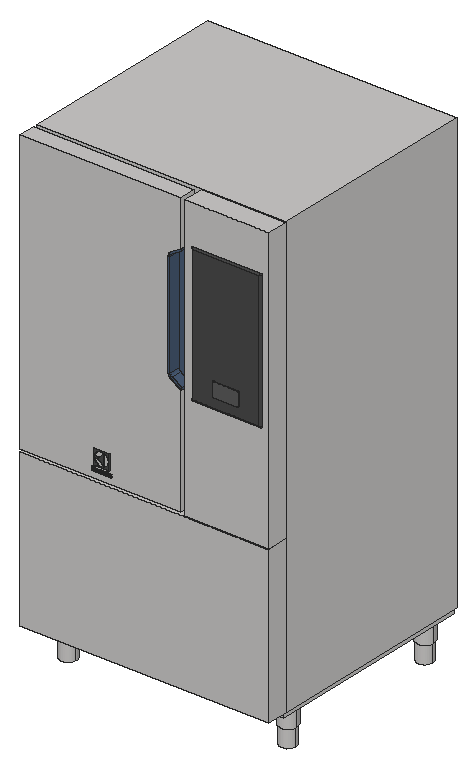
Revit family "QF_ELECTROLUXPROFESSIONAL_727738_EBFA11Q", category Specialty Equipment, Revit 2018 (continued)
Lines and regions (mm)
  Split face 222
    outline origin (-5.81, -295.149, -213.119) x (-1, 0, 0) y (0, 0, -1)
      loop
        line (490.638, -548.639) -> (600.654, -548.639) -> (600.654, -543.665) -> (490.638, -543.665) -> (490.638, -548.639)
  Split face 223
    outline origin (-5.81, -295.149, -203.619) x (-1, 0, 0) y (0, 0, -1)
      loop
        line (490.638, -548.639) -> (600.654, -548.639) -> (600.654, -543.665) -> (490.638, -543.665) -> (490.638, -548.639)
  Split face 224
    outline origin (-5.81, -295.149, -194.118) x (-1, 0, 0) y (0, 0, -1)
      loop
        line (490.638, -548.639) -> (600.654, -548.639) -> (600.654, -543.665) -> (490.638, -543.665) -> (490.638, -548.639)
  Split face 225
    outline origin (-5.81, -295.149, -184.618) x (-1, 0, 0) y (0, 0, -1)
      loop
        line (490.638, -548.639) -> (600.654, -548.639) -> (600.654, -543.665) -> (490.638, -543.665) -> (490.638, -548.639)
  Split face 226
    outline origin (-5.81, -295.149, -175.118) x (-1, 0, 0) y (0, 0, -1)
      loop
        line (490.638, -548.639) -> (600.654, -548.639) -> (600.654, -543.665) -> (490.638, -543.665) -> (490.638, -548.639)
  Split face 227
    outline origin (-5.81, -295.149, -165.618) x (-1, 0, 0) y (0, 0, -1)
      loop
        line (490.638, -548.639) -> (600.654, -548.639) -> (600.654, -543.665) -> (490.638, -543.665) -> (490.638, -548.639)
  Split face 228
    outline origin (-5.81, -295.149, -156.118) x (-1, 0, 0) y (0, 0, -1)
      loop
        line (490.638, -548.639) -> (600.654, -548.639) -> (600.654, -543.665) -> (490.638, -543.665) -> (490.638, -548.639)
  Split face 229
    outline origin (-5.81, -295.149, -146.618) x (-1, 0, 0) y (0, 0, -1)
      loop
        line (490.638, -548.639) -> (600.654, -548.639) -> (600.654, -543.665) -> (490.638, -543.665) -> (490.638, -548.639)
  Split face 230
    outline origin (-5.81, -295.149, -137.118) x (-1, 0, 0) y (0, 0, -1)
      loop
        line (490.638, -548.639) -> (600.654, -548.639) -> (600.654, -543.665) -> (490.638, -543.665) -> (490.638, -548.639)
  Split face 231
    outline origin (-5.81, -295.149, -127.618) x (-1, 0, 0) y (0, 0, -1)
      loop
        line (490.638, -548.639) -> (600.654, -548.639) -> (600.654, -543.665) -> (490.638, -543.665) -> (490.638, -548.639)
  Split face 232
    outline origin (-5.81, -295.149, -118.118) x (-1, 0, 0) y (0, 0, -1)
      loop
        line (490.638, -548.639) -> (600.654, -548.639) -> (600.654, -543.665) -> (490.638, -543.665) -> (490.638, -548.639)
  Split face 233
    outline origin (-5.81, -295.149, -108.618) x (-1, 0, 0) y (0, 0, -1)
      loop
        line (490.638, -548.639) -> (600.654, -548.639) -> (600.654, -543.665) -> (490.638, -543.665) -> (490.638, -548.639)
  Split face 234
    outline origin (-5.81, -295.149, -99.118) x (-1, 0, 0) y (0, 0, -1)
      loop
        line (490.638, -548.639) -> (600.654, -548.639) -> (600.654, -543.665) -> (490.638, -543.665) -> (490.638, -548.639)
  Split face 235
    outline origin (-5.81, -295.149, -89.618) x (-1, 0, 0) y (0, 0, -1)
      loop
        line (490.638, -548.639) -> (600.654, -548.639) -> (600.654, -543.665) -> (490.638, -543.665) -> (490.638, -548.639)
  Split face 236
    outline origin (-5.81, -295.149, -80.117) x (-1, 0, 0) y (0, 0, -1)
      loop
        line (490.638, -548.639) -> (600.654, -548.639) -> (600.654, -543.665) -> (490.638, -543.665) -> (490.638, -548.639)
  Split face 237
    outline origin (-5.81, -295.149, -70.617) x (-1, 0, 0) y (0, 0, -1)
      loop
        line (490.638, -548.639) -> (600.654, -548.639) -> (600.654, -543.665) -> (490.638, -543.665) -> (490.638, -548.639)
  Split face 238
    outline origin (-5.81, -295.149, -61.117) x (-1, 0, 0) y (0, 0, -1)
      loop
        line (490.638, -548.639) -> (600.654, -548.639) -> (600.654, -543.665) -> (490.638, -543.665) -> (490.638, -548.639)
  Split face 239
    outline origin (-5.81, -295.149, -51.617) x (-1, 0, 0) y (0, 0, -1)
      loop
        line (490.638, -548.639) -> (600.654, -548.639) -> (600.654, -543.665) -> (490.638, -543.665) -> (490.638, -548.639)
  Split face 240
    outline origin (-5.81, -295.149, -42.117) x (-1, 0, 0) y (0, 0, -1)
      loop
        line (490.638, -548.639) -> (600.654, -548.639) -> (600.654, -543.665) -> (490.638, -543.665) -> (490.638, -548.639)
  Split face 241
    outline origin (-5.81, -295.149, -32.617) x (-1, 0, 0) y (0, 0, -1)
      loop
        line (490.638, -548.639) -> (600.654, -548.639) -> (600.654, -543.665) -> (490.638, -543.665) -> (490.638, -548.639)
  Split face 242
    outline origin (-5.81, -295.149, -23.117) x (-1, 0, 0) y (0, 0, -1)
      loop
        line (490.638, -548.639) -> (600.654, -548.639) -> (600.654, -543.665) -> (490.638, -543.665) -> (490.638, -548.639)
  Split face 243
    outline origin (-5.81, -295.149, -13.617) x (-1, 0, 0) y (0, 0, -1)
      loop
        line (490.638, -548.639) -> (600.654, -548.639) -> (600.654, -543.665) -> (490.638, -543.665) -> (490.638, -548.639)
  Split face 244
    outline origin (-5.81, -295.149, -4.117) x (-1, 0, 0) y (0, 0, -1)
      loop
        line (490.638, -548.639) -> (600.654, -548.639) -> (600.654, -543.665) -> (490.638, -543.665) -> (490.638, -548.639)
  Split face 245
    outline origin (-5.81, -295.149, 5.383) x (-1, 0, 0) y (0, 0, -1)
      loop
        line (490.638, -548.639) -> (600.654, -548.639) -> (600.654, -543.665) -> (490.638, -543.665) -> (490.638, -548.639)
  Split face 246
    outline origin (-5.81, -295.149, 14.883) x (-1, 0, 0) y (0, 0, -1)
      loop
        line (490.638, -548.639) -> (600.654, -548.639) -> (600.654, -543.665) -> (490.638, -543.665) -> (490.638, -548.639)
  Split face 247
    outline origin (-125.802, -295.149, -365.12) x (-1, 0, 0) y (0, 0, -1)
      loop
        line (490.638, -548.639) -> (600.654, -548.639) -> (600.654, -543.665) -> (490.638, -543.665) -> (490.638, -548.639)
  Split face 248
    outline origin (-125.802, -295.149, -355.62) x (-1, 0, 0) y (0, 0, -1)
      loop
        line (490.638, -548.639) -> (600.654, -548.639) -> (600.654, -543.665) -> (490.638, -543.665) -> (490.638, -548.639)
  Split face 249
    outline origin (-125.802, -295.149, -346.12) x (-1, 0, 0) y (0, 0, -1)
      loop
        line (490.638, -548.639) -> (600.654, -548.639) -> (600.654, -543.665) -> (490.638, -543.665) -> (490.638, -548.639)
  Split face 250
    outline origin (-125.802, -295.149, -336.62) x (-1, 0, 0) y (0, 0, -1)
      loop
        line (490.638, -548.639) -> (600.654, -548.639) -> (600.654, -543.665) -> (490.638, -543.665) -> (490.638, -548.639)
  Split face 251
    outline origin (-125.802, -295.149, -327.12) x (-1, 0, 0) y (0, 0, -1)
      loop
        line (490.638, -548.639) -> (600.654, -548.639) -> (600.654, -543.665) -> (490.638, -543.665) -> (490.638, -548.639)
  Split face 252
    outline origin (-125.802, -295.149, -317.619) x (-1, 0, 0) y (0, 0, -1)
      loop
        line (490.638, -548.639) -> (600.654, -548.639) -> (600.654, -543.665) -> (490.638, -543.665) -> (490.638, -548.639)
  Split face 253
    outline origin (-125.802, -295.149, -308.119) x (-1, 0, 0) y (0, 0, -1)
      loop
        line (490.638, -548.639) -> (600.654, -548.639) -> (600.654, -543.665) -> (490.638, -543.665) -> (490.638, -548.639)
  Split face 254
    outline origin (-125.802, -295.149, -298.619) x (-1, 0, 0) y (0, 0, -1)
      loop
        line (490.638, -548.639) -> (600.654, -548.639) -> (600.654, -543.665) -> (490.638, -543.665) -> (490.638, -548.639)
  Split face 255
    outline origin (-125.802, -295.149, -289.119) x (-1, 0, 0) y (0, 0, -1)
      loop
        line (490.638, -548.639) -> (600.654, -548.639) -> (600.654, -543.665) -> (490.638, -543.665) -> (490.638, -548.639)
  Split face 256
    outline origin (-125.802, -295.149, -279.619) x (-1, 0, 0) y (0, 0, -1)
      loop
        line (490.638, -548.639) -> (600.654, -548.639) -> (600.654, -543.665) -> (490.638, -543.665) -> (490.638, -548.639)
  Split face 257
    outline origin (-125.802, -295.149, -270.119) x (-1, 0, 0) y (0, 0, -1)
      loop
        line (490.638, -548.639) -> (600.654, -548.639) -> (600.654, -543.665) -> (490.638, -543.665) -> (490.638, -548.639)
  Split face 258
    outline origin (-125.802, -295.149, -260.619) x (-1, 0, 0) y (0, 0, -1)
      loop
        line (490.638, -548.639) -> (600.654, -548.639) -> (600.654, -543.665) -> (490.638, -543.665) -> (490.638, -548.639)
  Split face 259
    outline origin (-125.802, -295.149, -251.119) x (-1, 0, 0) y (0, 0, -1)
      loop
        line (490.638, -548.639) -> (600.654, -548.639) -> (600.654, -543.665) -> (490.638, -543.665) -> (490.638, -548.639)
  Split face 260
    outline origin (-125.802, -295.149, -241.619) x (-1, 0, 0) y (0, 0, -1)
      loop
        line (490.638, -548.639) -> (600.654, -548.639) -> (600.654, -543.665) -> (490.638, -543.665) -> (490.638, -548.639)
  Split face 261
    outline origin (-125.802, -295.149, -232.119) x (-1, 0, 0) y (0, 0, -1)
      loop
        line (490.638, -548.639) -> (600.654, -548.639) -> (600.654, -543.665) -> (490.638, -543.665) -> (490.638, -548.639)
  Split face 262
    outline origin (-125.802, -295.149, -222.619) x (-1, 0, 0) y (0, 0, -1)
      loop
        line (490.638, -548.639) -> (600.654, -548.639) -> (600.654, -543.665) -> (490.638, -543.665) -> (490.638, -548.639)
  Split face 263
    outline origin (-125.802, -295.149, -213.119) x (-1, 0, 0) y (0, 0, -1)
      loop
        line (490.638, -548.639) -> (600.654, -548.639) -> (600.654, -543.665) -> (490.638, -543.665) -> (490.638, -548.639)
  Split face 264
    outline origin (-125.802, -295.149, -203.619) x (-1, 0, 0) y (0, 0, -1)
      loop
        line (490.638, -548.639) -> (600.654, -548.639) -> (600.654, -543.665) -> (490.638, -543.665) -> (490.638, -548.639)
  Split face 265
    outline origin (-125.802, -295.149, -194.118) x (-1, 0, 0) y (0, 0, -1)
      loop
        line (490.638, -548.639) -> (600.654, -548.639) -> (600.654, -543.665) -> (490.638, -543.665) -> (490.638, -548.639)
  Split face 266
    outline origin (-125.802, -295.149, -184.618) x (-1, 0, 0) y (0, 0, -1)
      loop
        line (490.638, -548.639) -> (600.654, -548.639) -> (600.654, -543.665) -> (490.638, -543.665) -> (490.638, -548.639)
  Split face 267
    outline origin (-125.802, -295.149, -175.118) x (-1, 0, 0) y (0, 0, -1)
      loop
        line (490.638, -548.639) -> (600.654, -548.639) -> (600.654, -543.665) -> (490.638, -543.665) -> (490.638, -548.639)
  Split face 268
    outline origin (-125.802, -295.149, -165.618) x (-1, 0, 0) y (0, 0, -1)
      loop
        line (490.638, -548.639) -> (600.654, -548.639) -> (600.654, -543.665) -> (490.638, -543.665) -> (490.638, -548.639)
  Split face 269
    outline origin (-125.802, -295.149, -156.118) x (-1, 0, 0) y (0, 0, -1)
      loop
        line (490.638, -548.639) -> (600.654, -548.639) -> (600.654, -543.665) -> (490.638, -543.665) -> (490.638, -548.639)
  Split face 270
    outline origin (-125.802, -295.149, -146.618) x (-1, 0, 0) y (0, 0, -1)
      loop
        line (490.638, -548.639) -> (600.654, -548.639) -> (600.654, -543.665) -> (490.638, -543.665) -> (490.638, -548.639)
  Split face 271
    outline origin (-125.802, -295.149, -137.118) x (-1, 0, 0) y (0, 0, -1)
      loop
        line (490.638, -548.639) -> (600.654, -548.639) -> (600.654, -543.665) -> (490.638, -543.665) -> (490.638, -548.639)
  Split face 272
    outline origin (-125.802, -295.149, -127.618) x (-1, 0, 0) y (0, 0, -1)
      loop
        line (490.638, -548.639) -> (600.654, -548.639) -> (600.654, -543.665) -> (490.638, -543.665) -> (490.638, -548.639)
  Split face 273
    outline origin (-125.802, -295.149, -118.118) x (-1, 0, 0) y (0, 0, -1)
      loop
        line (490.638, -548.639) -> (600.654, -548.639) -> (600.654, -543.665) -> (490.638, -543.665) -> (490.638, -548.639)
  Split face 274
    outline origin (-125.802, -295.149, -108.618) x (-1, 0, 0) y (0, 0, -1)
      loop
        line (490.638, -548.639) -> (600.654, -548.639) -> (600.654, -543.665) -> (490.638, -543.665) -> (490.638, -548.639)
  Split face 275
    outline origin (-125.802, -295.149, -99.118) x (-1, 0, 0) y (0, 0, -1)
      loop
        line (490.638, -548.639) -> (600.654, -548.639) -> (600.654, -543.665) -> (490.638, -543.665) -> (490.638, -548.639)
  Split face 276
    outline origin (-125.802, -295.149, -89.618) x (-1, 0, 0) y (0, 0, -1)
      loop
        line (490.638, -548.639) -> (600.654, -548.639) -> (600.654, -543.665) -> (490.638, -543.665) -> (490.638, -548.639)
  Split face 277
    outline origin (-125.802, -295.149, -80.117) x (-1, 0, 0) y (0, 0, -1)
      loop
        line (490.638, -548.639) -> (600.654, -548.639) -> (600.654, -543.665) -> (490.638, -543.665) -> (490.638, -548.639)
  Split face 278
    outline origin (-125.802, -295.149, -70.617) x (-1, 0, 0) y (0, 0, -1)
      loop
        line (490.638, -548.639) -> (600.654, -548.639) -> (600.654, -543.665) -> (490.638, -543.665) -> (490.638, -548.639)
  Split face 279
    outline origin (-125.802, -295.149, -61.117) x (-1, 0, 0) y (0, 0, -1)
      loop
        line (490.638, -548.639) -> (600.654, -548.639) -> (600.654, -543.665) -> (490.638, -543.665) -> (490.638, -548.639)
  Split face 280
    outline origin (-125.802, -295.149, -51.617) x (-1, 0, 0) y (0, 0, -1)
      loop
        line (490.638, -548.639) -> (600.654, -548.639) -> (600.654, -543.665) -> (490.638, -543.665) -> (490.638, -548.639)
  Split face 281
    outline origin (-125.802, -295.149, -42.117) x (-1, 0, 0) y (0, 0, -1)
      loop
        line (490.638, -548.639) -> (600.654, -548.639) -> (600.654, -543.665) -> (490.638, -543.665) -> (490.638, -548.639)
  Split face 282
    outline origin (-125.802, -295.149, -32.617) x (-1, 0, 0) y (0, 0, -1)
      loop
        line (490.638, -548.639) -> (600.654, -548.639) -> (600.654, -543.665) -> (490.638, -543.665) -> (490.638, -548.639)
  Split face 283
    outline origin (-125.802, -295.149, -23.117) x (-1, 0, 0) y (0, 0, -1)
      loop
        line (490.638, -548.639) -> (600.654, -548.639) -> (600.654, -543.665) -> (490.638, -543.665) -> (490.638, -548.639)
  Split face 284
    outline origin (-125.802, -295.149, -13.617) x (-1, 0, 0) y (0, 0, -1)
      loop
        line (490.638, -548.639) -> (600.654, -548.639) -> (600.654, -543.665) -> (490.638, -543.665) -> (490.638, -548.639)
  Split face 285
    outline origin (-125.802, -295.149, -4.117) x (-1, 0, 0) y (0, 0, -1)
      loop
        line (490.638, -548.639) -> (600.654, -548.639) -> (600.654, -543.665) -> (490.638, -543.665) -> (490.638, -548.639)
  Split face 286
    outline origin (-125.802, -295.149, 5.383) x (-1, 0, 0) y (0, 0, -1)
      loop
        line (490.638, -548.639) -> (600.654, -548.639) -> (600.654, -543.665) -> (490.638, -543.665) -> (490.638, -548.639)
  Split face 287
    outline origin (-125.802, -295.149, 14.883) x (-1, 0, 0) y (0, 0, -1)
      loop
        line (490.638, -548.639) -> (600.654, -548.639) -> (600.654, -543.665) -> (490.638, -543.665) -> (490.638, -548.639)
  symbolic lines
    curve 1: line (-759, 547.851, 1731) -> (136, 547.851, 1731)
    curve 2: line (-759, -219.149, 1731) -> (-759, 547.851, 1731)
    curve 3: line (136, -295.149, 1731) -> (-166, -295.149, 1731)
    curve 4: line (136, 547.851, 1731) -> (136, -295.149, 1731)
    curve 5: line (-139.183, 547.851, 1731) -> (-131.09, 639.851, 1731)
    curve 6: line (-131.09, 639.851, 1731) -> (33.141, 639.851, 1731)
    curve 7: line (33.141, 639.851, 1731) -> (41.234, 547.851, 1731)
    curve 8: line (56.5, 576.851, 1731) -> (77.5, 576.851, 1731)
    curve 9: line (77.5, 576.851, 1731) -> (77.5, 547.851, 1731)
    curve 10: line (56.5, 576.851, 1731) -> (56.5, 547.851, 1731)
    curve 11: line (104, -300.149, 1731) -> (-134, -300.149, 1731)
    curve 12: line (-134, -300.149, 1731) -> (-142, -295.149, 1731)
    curve 13: line (104, -300.149, 1731) -> (112, -295.149, 1731)
    curve 18: line (-166, -295.149, 0) -> (-166, -219.149, 0)
    curve 19: line (-166, -219.149, 0) -> (-759, -219.149, 0)
    curve 20: line (-759, -235.149, 0) -> (-180.8, -235.149, 0)
    curve 21: line (-759, -295.149, 0) -> (-759, -235.149, 0)
    curve 22: line (-180.8, -295.149, 0) -> (-759, -295.149, 0)
    curve 23: line (-180.8, -235.149, 0) -> (-180.8, -295.149, 0)
    curve 24: line (-225.54, -296.149, 0) -> (-178.3, -296.149, 0)
    curve 25: line (-178.3, -296.149, 0) -> (-178.3, -256.149, 0)
    curve 26: line (-178.3, -256.149, 0) -> (-180.8, -256.149, 0)
    curve 27: line (-225.54, -296.149, 0) -> (-225.54, -295.149, 0)
  symbolic lines, style "QF_Door-Drawer Clearances", visible <- "Show Clearance"
    curve 14: arc (-180.8, -295.149, 1731) -> (-338.805, -665.108, 1731) -> (-705, -831.649, 1731) r 556
    curve 15: line (-765, -831.649, 1731) -> (-765, -295.149, 1731)
    curve 16: line (-705, -831.649, 1731) -> (-765, -831.649, 1731)
    curve 17: line (-705, -831.649, 1731) -> (-705, -295.149, 1731)
Dimensions and locks
  equal spacing: plane 4 "LEFT", plane 3 "Center Y", plane 6 "RIGHT"
  plane 4 "LEFT" to plane 6 "RIGHT" = 895 mm
  plane 5 "BACK" to plane 7 "FRONT" = 843 mm
  equal spacing: plane 5 "BACK", plane 1 "Center X", plane 7 "FRONT"
  cut or joined group of Extrusion 1, Extrusion 2, Extrusion 3, Extrusion 5, Extrusion 6, Extrusion 7, Extrusion 13 to Extrusion 3 sketch curve = 826 mm
  level to Extrusion 3 sketch curve = 593 mm
  plane 5 "BACK" to Extrusion 6 sketch curve = 398 mm
  plane 4 "LEFT" to Extrusion 6 sketch curve = 400 mm
  Extrusion 3 sketch curve to plane 4 "LEFT" = 826 mm
  aligned and locked: level to plane 2
  aligned and locked: plane 12 to nested 3
  aligned and locked: plane 12 to nested 2
  aligned and locked: plane 10 to nested 1
  aligned and locked: plane 10 to nested 4
  aligned and locked: nested 4 to plane 11
  aligned and locked: nested 3 to plane 11
  aligned and locked: nested 1 to plane 13
  aligned and locked: nested 2 to plane 13
  aligned and locked: Extrusion 12 to Extrusion 11
  aligned and locked: Extrusion 16 to Extrusion 15
Automatic sketch dimensions
  Extrusion 1 sketch curve to plane 5 "BACK" = 0 mm
  Extrusion 1 sketch curve to plane 6 "RIGHT" = 0 mm
  Extrusion 1 sketch curve to plane 4 "LEFT" = 0 mm
  Extrusion 1 sketch curve to plane 13 = 75 mm
  Extrusion 2 sketch curve to plane 5 "BACK" = 0 mm
  Extrusion 2 sketch curve to plane 14 = 0 mm  (x5)
  Extrusion 2 sketch curve to plane 14 = 10 mm
  Extrusion 2 sketch curve to plane 14 = 8 mm
  Extrusion 2 sketch curve to plane 14 = 7.305 mm
  Extrusion 2 sketch curve to plane 14 = 4.997 mm
  plane 14 to Extrusion 2 sketch curve = 8.773 mm  (x4)
  plane 8 to Extrusion 2 sketch curve = 521.023 mm
  Extrusion 2 sketch curve to Extrusion 2 sketch curve = 7.476 mm
  Extrusion 2 sketch curve to Extrusion 2 sketch curve = 25.474 mm
  Extrusion 2 sketch curve to Extrusion 2 sketch curve = 9.313 mm  (x4)
  Extrusion 2 sketch curve to Extrusion 2 sketch curve = 31.38 mm  (x3)
  Extrusion 2 sketch curve to Extrusion 2 sketch curve = 32.916 mm
  Extrusion 2 sketch curve to Extrusion 2 sketch curve = 50.851 mm
  Extrusion 4 sketch curve to plane 6 "RIGHT" = 0 mm
  Extrusion 4 sketch curve to plane 4 "LEFT" = 0 mm
  Extrusion 4 sketch curve to plane 7 "FRONT" = 0 mm
  plane 7 "FRONT" to Extrusion 4 sketch curve = 75 mm
  Extrusion 5 sketch curve to plane 5 "BACK" = 0 mm
  Extrusion 5 sketch curve to plane 6 "RIGHT" = 9 mm
  plane 4 "LEFT" to Extrusion 5 sketch curve = 9 mm
  Extrusion 5 sketch curve to plane 13 = 73 mm
  Split face 1 sketch curve to Extrusion 4 = 32.492 mm
  Split face 1 sketch curve to Extrusion 4 = 28.525 mm
  Split face 1 sketch curve to Split face 1 sketch curve = 110.016 mm
  Split face 1 sketch curve to Split face 1 sketch curve = 4.974 mm
  Extrusion 7 sketch curve to plane 5 "BACK" = 0 mm  (x2)
  Extrusion 7 sketch curve to plane 14 = 0 mm  (x2)
  Extrusion 7 sketch curve to plane 12 = 41.135 mm
  Extrusion 7 sketch curve to Extrusion 7 sketch curve = 1.631 mm  (x2)
  Extrusion 7 sketch curve to Extrusion 7 sketch curve = 9.723 mm
  Extrusion 7 sketch curve to Extrusion 7 sketch curve = 164.232 mm
  Extrusion 7 sketch curve to Extrusion 7 sketch curve = 8.092 mm
  Extrusion 8 sketch curve to plane 4 "LEFT" = 0 mm
  Extrusion 8 sketch curve to plane 9 "TOP" = 0 mm
  plane 3 "Center Y" to Extrusion 8 sketch curve = 85.96 mm
  Extrusion 8 sketch curve to Extrusion 8 sketch curve = 8.487 mm
  Extrusion 8 sketch curve to Extrusion 8 sketch curve = 8.95 mm
  Extrusion 8 sketch curve to Extrusion 8 sketch curve = 10.513 mm
  Extrusion 8 sketch curve to Extrusion 8 sketch curve = 11.05 mm
  Extrusion 8 sketch curve to Extrusion 8 sketch curve = 35.79 mm
  Extrusion 8 sketch curve to Extrusion 8 sketch curve = 36.253 mm
  Extrusion 8 sketch curve to Extrusion 8 sketch curve = 162.03 mm
  Extrusion 8 sketch curve to Extrusion 8 sketch curve = 24.082 mm
  Extrusion 8 sketch curve to Extrusion 8 sketch curve = 374.913 mm
  Extrusion 8 sketch curve to Extrusion 8 sketch curve = 23.723 mm
  plane 8 to Extrusion 8 sketch curve = 589.524 mm
  Extrusion 9 sketch curve to plane 7 "FRONT" = 0 mm
  Extrusion 9 sketch curve to plane 6 "RIGHT" = 0 mm
  plane 3 "Center Y" to Extrusion 9 sketch curve = 145.5 mm
  plane 7 "FRONT" to Extrusion 9 sketch curve = 75 mm
  plane 3 "Center Y" to Extrusion 11 sketch curve = 85.96 mm
  Extrusion 11 sketch curve to Extrusion 11 sketch curve = 8.487 mm
  Extrusion 11 sketch curve to Extrusion 11 sketch curve = 8.95 mm
  Extrusion 11 sketch curve to Extrusion 11 sketch curve = 19 mm
  Extrusion 11 sketch curve to Extrusion 11 sketch curve = 11.05 mm
  Extrusion 11 sketch curve to plane 9 "TOP" = 186.112 mm
  Extrusion 11 sketch curve to Extrusion 11 sketch curve = 374.913 mm
  Extrusion 11 sketch curve to Extrusion 11 sketch curve = 36.253 mm
  Extrusion 11 sketch curve to Extrusion 11 sketch curve = 35.79 mm
  Extrusion 11 sketch curve to Extrusion 11 sketch curve = 0 mm  (x3)
  Extrusion 11 sketch curve to Extrusion 11 sketch curve = 24.082 mm
  Extrusion 11 sketch curve to Extrusion 11 sketch curve = 23.723 mm
  Extrusion 12 sketch curve to Extrusion 12 sketch curve = 0 mm  (x4)
  plane 3 "Center Y" to Extrusion 12 sketch curve = 133.2 mm  (x2)
  Extrusion 12 sketch curve to Extrusion 12 sketch curve = 2.5 mm  (x2)
  Extrusion 12 sketch curve to Extrusion 12 sketch curve = 27.24 mm
  Extrusion 12 sketch curve to Extrusion 12 sketch curve = 28.24 mm
  Extrusion 12 sketch curve to Extrusion 12 sketch curve = 7.459 mm
  Extrusion 12 sketch curve to Extrusion 12 sketch curve = 6.917 mm
  Extrusion 12 sketch curve to Extrusion 12 sketch curve = 3.591 mm
  Extrusion 12 sketch curve to Extrusion 12 sketch curve = 3.597 mm
  Extrusion 12 sketch curve to Extrusion 12 sketch curve = 5.583 mm
  Extrusion 12 sketch curve to Extrusion 12 sketch curve = 6.5 mm
  Extrusion 12 sketch curve to plane 9 "TOP" = 162.03 mm
  Extrusion 12 sketch curve to Extrusion 12 sketch curve = 6.143 mm
  Extrusion 12 sketch curve to Extrusion 12 sketch curve = 17.939 mm
  Extrusion 12 sketch curve to Extrusion 12 sketch curve = 374.913 mm
  Extrusion 12 sketch curve to Extrusion 12 sketch curve = 23 mm
  Extrusion 12 sketch curve to Extrusion 12 sketch curve = 6.141 mm
  plane 10 to Extrusion 13 sketch curve = 9 mm
  plane 3 "Center Y" to Extrusion 13 sketch curve = 80.7 mm
  Extrusion 13 sketch curve to plane 9 "TOP" = 60 mm
  plane 8 to Extrusion 13 sketch curve = 639 mm
  Split face 2 sketch curve to Extrusion 4 = 32.492 mm
  Split face 2 sketch curve to Extrusion 4 = 38.025 mm
  Split face 2 sketch curve to Split face 2 sketch curve = 110.016 mm
  Split face 2 sketch curve to Split face 2 sketch curve = 4.974 mm
  Split face 3 sketch curve to Extrusion 4 = 32.492 mm
  Split face 3 sketch curve to Extrusion 4 = 47.525 mm
  Split face 3 sketch curve to Split face 3 sketch curve = 110.016 mm
  Split face 3 sketch curve to Split face 3 sketch curve = 4.974 mm
  Split face 4 sketch curve to Extrusion 4 = 32.492 mm
  Split face 4 sketch curve to Split face 4 sketch curve = 110.016 mm
  Split face 4 sketch curve to Extrusion 4 = 61.999 mm
  Split face 4 sketch curve to Split face 4 sketch curve = 4.974 mm
  Split face 5 sketch curve to Extrusion 4 = 32.492 mm
  Split face 5 sketch curve to Split face 5 sketch curve = 110.016 mm
  Split face 5 sketch curve to Extrusion 4 = 71.499 mm
  Split face 5 sketch curve to Split face 5 sketch curve = 4.974 mm
  Split face 6 sketch curve to Extrusion 4 = 32.492 mm
  Split face 6 sketch curve to Split face 6 sketch curve = 110.016 mm
  Split face 6 sketch curve to Extrusion 4 = 80.999 mm
  Split face 6 sketch curve to Split face 6 sketch curve = 4.974 mm
  Split face 7 sketch curve to Extrusion 4 = 32.492 mm
  Split face 7 sketch curve to Split face 7 sketch curve = 110.016 mm
  Split face 7 sketch curve to Extrusion 4 = 90.499 mm
  Split face 7 sketch curve to Split face 7 sketch curve = 4.974 mm
  Split face 8 sketch curve to Extrusion 4 = 32.492 mm
  Split face 8 sketch curve to Split face 8 sketch curve = 110.016 mm
  Split face 8 sketch curve to Extrusion 4 = 99.999 mm
  Split face 8 sketch curve to Split face 8 sketch curve = 4.974 mm
  Split face 9 sketch curve to Extrusion 4 = 32.492 mm
  Split face 9 sketch curve to Split face 9 sketch curve = 110.016 mm
  Split face 9 sketch curve to Extrusion 4 = 109.499 mm
  Split face 9 sketch curve to Split face 9 sketch curve = 4.974 mm
  Split face 10 sketch curve to Extrusion 4 = 32.492 mm
  Split face 10 sketch curve to Split face 10 sketch curve = 110.016 mm
  Split face 10 sketch curve to Extrusion 4 = 119 mm
  Split face 10 sketch curve to Split face 10 sketch curve = 4.974 mm
  Split face 11 sketch curve to Extrusion 4 = 32.492 mm
  Split face 11 sketch curve to Split face 11 sketch curve = 110.016 mm
  Split face 11 sketch curve to Extrusion 4 = 128.5 mm
  Split face 11 sketch curve to Split face 11 sketch curve = 4.974 mm
  Split face 12 sketch curve to Extrusion 4 = 32.492 mm
  Split face 12 sketch curve to Split face 12 sketch curve = 110.016 mm
  Split face 12 sketch curve to Extrusion 4 = 138 mm
  Split face 12 sketch curve to Split face 12 sketch curve = 4.974 mm
  Split face 13 sketch curve to Extrusion 4 = 32.492 mm
  Split face 13 sketch curve to Split face 13 sketch curve = 110.016 mm
  Split face 13 sketch curve to Extrusion 4 = 147.5 mm
  Split face 13 sketch curve to Split face 13 sketch curve = 4.974 mm
  Split face 14 sketch curve to Extrusion 4 = 32.492 mm
  Split face 14 sketch curve to Split face 14 sketch curve = 110.016 mm
  Split face 14 sketch curve to Extrusion 4 = 157 mm
  Split face 14 sketch curve to Split face 14 sketch curve = 4.974 mm
  Split face 15 sketch curve to Extrusion 4 = 32.492 mm
  Split face 15 sketch curve to Split face 15 sketch curve = 110.016 mm
  Split face 15 sketch curve to Extrusion 4 = 166.5 mm
  Split face 15 sketch curve to Split face 15 sketch curve = 4.974 mm
  Split face 16 sketch curve to Extrusion 4 = 32.492 mm
  Split face 16 sketch curve to Split face 16 sketch curve = 110.016 mm
  Split face 16 sketch curve to Extrusion 4 = 176 mm
  Split face 16 sketch curve to Split face 16 sketch curve = 4.974 mm
  Split face 17 sketch curve to Extrusion 4 = 32.492 mm
  Split face 17 sketch curve to Split face 17 sketch curve = 110.016 mm
  Split face 17 sketch curve to Extrusion 4 = 185.5 mm
  Split face 17 sketch curve to Split face 17 sketch curve = 4.974 mm
  Split face 18 sketch curve to Extrusion 4 = 32.492 mm
  Split face 18 sketch curve to Split face 18 sketch curve = 110.016 mm
  Split face 18 sketch curve to Extrusion 4 = 195 mm
  Split face 18 sketch curve to Split face 18 sketch curve = 4.974 mm
  Split face 19 sketch curve to Extrusion 4 = 32.492 mm
  Split face 19 sketch curve to Split face 19 sketch curve = 110.016 mm
  Split face 19 sketch curve to Extrusion 4 = 204.5 mm
  Split face 19 sketch curve to Split face 19 sketch curve = 4.974 mm
  Split face 20 sketch curve to Extrusion 4 = 32.492 mm
  Split face 20 sketch curve to Split face 20 sketch curve = 110.016 mm
  Split face 20 sketch curve to Extrusion 4 = 214 mm
  Split face 20 sketch curve to Split face 20 sketch curve = 4.974 mm
  Split face 21 sketch curve to Extrusion 4 = 32.492 mm
  Split face 21 sketch curve to Split face 21 sketch curve = 110.016 mm
  Split face 21 sketch curve to Extrusion 4 = 223.5 mm
  Split face 21 sketch curve to Split face 21 sketch curve = 4.974 mm
  Split face 22 sketch curve to Extrusion 4 = 32.492 mm
  Split face 22 sketch curve to Split face 22 sketch curve = 110.016 mm
  Split face 22 sketch curve to Extrusion 4 = 233.001 mm
  Split face 22 sketch curve to Split face 22 sketch curve = 4.974 mm
  Split face 23 sketch curve to Extrusion 4 = 32.492 mm
  Split face 23 sketch curve to Split face 23 sketch curve = 110.016 mm
  Split face 23 sketch curve to Extrusion 4 = 242.501 mm
  Split face 23 sketch curve to Split face 23 sketch curve = 4.974 mm
  Split face 24 sketch curve to Extrusion 4 = 32.492 mm
  Split face 24 sketch curve to Split face 24 sketch curve = 110.016 mm
  Split face 24 sketch curve to Extrusion 4 = 252.001 mm
  Split face 24 sketch curve to Split face 24 sketch curve = 4.974 mm
  Split face 25 sketch curve to Extrusion 4 = 32.492 mm
  Split face 25 sketch curve to Split face 25 sketch curve = 110.016 mm
  Split face 25 sketch curve to Extrusion 4 = 261.501 mm
  Split face 25 sketch curve to Split face 25 sketch curve = 4.974 mm
  Split face 26 sketch curve to Extrusion 4 = 32.492 mm
  Split face 26 sketch curve to Split face 26 sketch curve = 110.016 mm
  Split face 26 sketch curve to Extrusion 4 = 271.001 mm
  Split face 26 sketch curve to Split face 26 sketch curve = 4.974 mm
  Split face 27 sketch curve to Extrusion 4 = 32.492 mm
  Split face 27 sketch curve to Split face 27 sketch curve = 110.016 mm
  Split face 27 sketch curve to Extrusion 4 = 279.479 mm
  Split face 27 sketch curve to Split face 27 sketch curve = 4.974 mm
  Split face 28 sketch curve to Extrusion 4 = 32.492 mm
  Split face 28 sketch curve to Split face 28 sketch curve = 110.016 mm
  Split face 28 sketch curve to Extrusion 4 = 269.979 mm
  Split face 28 sketch curve to Split face 28 sketch curve = 4.974 mm
  Split face 29 sketch curve to Extrusion 4 = 32.492 mm
  Split face 29 sketch curve to Split face 29 sketch curve = 110.016 mm
  Split face 29 sketch curve to Extrusion 4 = 260.479 mm
  Split face 29 sketch curve to Split face 29 sketch curve = 4.974 mm
  Split face 30 sketch curve to Extrusion 4 = 32.492 mm
  Split face 30 sketch curve to Split face 30 sketch curve = 110.016 mm
  Split face 30 sketch curve to Extrusion 4 = 250.978 mm
  Split face 30 sketch curve to Split face 30 sketch curve = 4.974 mm
  Split face 31 sketch curve to Extrusion 4 = 32.492 mm
  Split face 31 sketch curve to Split face 31 sketch curve = 110.016 mm
  Split face 31 sketch curve to Extrusion 4 = 241.478 mm
  Split face 31 sketch curve to Split face 31 sketch curve = 4.974 mm
  Split face 32 sketch curve to Extrusion 4 = 32.492 mm
  Split face 32 sketch curve to Split face 32 sketch curve = 110.016 mm
  Split face 32 sketch curve to Extrusion 4 = 231.978 mm
  Split face 32 sketch curve to Split face 32 sketch curve = 4.974 mm
  Split face 33 sketch curve to Extrusion 4 = 32.492 mm
  Split face 33 sketch curve to Split face 33 sketch curve = 110.016 mm
  Split face 33 sketch curve to Extrusion 4 = 222.478 mm
  Split face 33 sketch curve to Split face 33 sketch curve = 4.974 mm
  Split face 34 sketch curve to Extrusion 4 = 32.492 mm
  Split face 34 sketch curve to Split face 34 sketch curve = 110.016 mm
  Split face 34 sketch curve to Extrusion 4 = 212.978 mm
  Split face 34 sketch curve to Split face 34 sketch curve = 4.974 mm
  Split face 35 sketch curve to Extrusion 4 = 32.492 mm
  Split face 35 sketch curve to Split face 35 sketch curve = 110.016 mm
  Split face 35 sketch curve to Extrusion 4 = 203.478 mm
  Split face 35 sketch curve to Split face 35 sketch curve = 4.974 mm
  Split face 36 sketch curve to Extrusion 4 = 32.492 mm
  Split face 36 sketch curve to Split face 36 sketch curve = 110.016 mm
  Split face 36 sketch curve to Extrusion 4 = 193.978 mm
  Split face 36 sketch curve to Split face 36 sketch curve = 4.974 mm
  Split face 37 sketch curve to Extrusion 4 = 32.492 mm
  Split face 37 sketch curve to Split face 37 sketch curve = 110.016 mm
  Split face 37 sketch curve to Extrusion 4 = 184.478 mm
  Split face 37 sketch curve to Split face 37 sketch curve = 4.974 mm
  Split face 38 sketch curve to Extrusion 4 = 32.492 mm
  Split face 38 sketch curve to Split face 38 sketch curve = 110.016 mm
  Split face 38 sketch curve to Extrusion 4 = 174.978 mm
  Split face 38 sketch curve to Split face 38 sketch curve = 4.974 mm
  Split face 39 sketch curve to Extrusion 4 = 32.492 mm
  Split face 39 sketch curve to Split face 39 sketch curve = 110.016 mm
  Split face 39 sketch curve to Extrusion 4 = 165.478 mm
  Split face 39 sketch curve to Split face 39 sketch curve = 4.974 mm
  Split face 40 sketch curve to Extrusion 4 = 32.492 mm
  Split face 40 sketch curve to Split face 40 sketch curve = 110.016 mm
  Split face 40 sketch curve to Extrusion 4 = 155.978 mm
  Split face 40 sketch curve to Split face 40 sketch curve = 4.974 mm
  Split face 41 sketch curve to Extrusion 4 = 32.492 mm
  Split face 41 sketch curve to Split face 41 sketch curve = 110.016 mm
  Split face 41 sketch curve to Extrusion 4 = 146.478 mm
  Split face 41 sketch curve to Split face 41 sketch curve = 4.974 mm
  Split face 42 sketch curve to Extrusion 4 = 33.499 mm
  Split face 42 sketch curve to Extrusion 4 = 152.483 mm
  Split face 42 sketch curve to Extrusion 4 = 28.525 mm
  Split face 42 sketch curve to Split face 42 sketch curve = 110.016 mm
  Split face 43 sketch curve to Extrusion 4 = 42.999 mm
  Split face 43 sketch curve to Extrusion 4 = 152.483 mm
  Split face 43 sketch curve to Extrusion 4 = 38.025 mm
  Split face 43 sketch curve to Split face 43 sketch curve = 110.016 mm
  Split face 44 sketch curve to Extrusion 4 = 52.499 mm
  Split face 44 sketch curve to Extrusion 4 = 152.483 mm
  Split face 44 sketch curve to Extrusion 4 = 47.525 mm
  Split face 44 sketch curve to Split face 44 sketch curve = 110.016 mm
  Split face 45 sketch curve to Extrusion 4 = 61.999 mm
  Split face 45 sketch curve to Extrusion 4 = 152.483 mm
  Split face 45 sketch curve to Split face 45 sketch curve = 110.016 mm
  Split face 45 sketch curve to Split face 45 sketch curve = 4.974 mm
  Split face 46 sketch curve to Extrusion 4 = 71.499 mm
  Split face 46 sketch curve to Extrusion 4 = 152.483 mm
  Split face 46 sketch curve to Split face 46 sketch curve = 110.016 mm
  Split face 46 sketch curve to Split face 46 sketch curve = 4.974 mm
  Split face 47 sketch curve to Extrusion 4 = 152.483 mm
  Split face 47 sketch curve to Split face 47 sketch curve = 110.016 mm
  Split face 47 sketch curve to Extrusion 4 = 80.999 mm
  Split face 47 sketch curve to Split face 47 sketch curve = 4.974 mm
  Split face 48 sketch curve to Extrusion 4 = 152.483 mm
  Split face 48 sketch curve to Split face 48 sketch curve = 110.016 mm
  Split face 48 sketch curve to Extrusion 4 = 90.499 mm
  Split face 48 sketch curve to Split face 48 sketch curve = 4.974 mm
  Split face 49 sketch curve to Extrusion 4 = 152.483 mm
  Split face 49 sketch curve to Split face 49 sketch curve = 110.016 mm
  Split face 49 sketch curve to Extrusion 4 = 99.999 mm
  Split face 49 sketch curve to Split face 49 sketch curve = 4.974 mm
  Split face 50 sketch curve to Extrusion 4 = 152.483 mm
  Split face 50 sketch curve to Split face 50 sketch curve = 110.016 mm
  Split face 50 sketch curve to Extrusion 4 = 109.499 mm
  Split face 50 sketch curve to Split face 50 sketch curve = 4.974 mm
  Split face 51 sketch curve to Extrusion 4 = 152.483 mm
  Split face 51 sketch curve to Split face 51 sketch curve = 110.016 mm
  Split face 51 sketch curve to Extrusion 4 = 119 mm
  Split face 51 sketch curve to Split face 51 sketch curve = 4.974 mm
  Split face 52 sketch curve to Extrusion 4 = 152.483 mm
  Split face 52 sketch curve to Split face 52 sketch curve = 110.016 mm
  Split face 52 sketch curve to Extrusion 4 = 128.5 mm
  Split face 52 sketch curve to Split face 52 sketch curve = 4.974 mm
  Split face 53 sketch curve to Extrusion 4 = 152.483 mm
  Split face 53 sketch curve to Split face 53 sketch curve = 110.016 mm
  Split face 53 sketch curve to Extrusion 4 = 138 mm
  Split face 53 sketch curve to Split face 53 sketch curve = 4.974 mm
  Split face 54 sketch curve to Extrusion 4 = 152.483 mm
  Split face 54 sketch curve to Split face 54 sketch curve = 110.016 mm
  Split face 54 sketch curve to Extrusion 4 = 147.5 mm
  Split face 54 sketch curve to Split face 54 sketch curve = 4.974 mm
  Split face 55 sketch curve to Extrusion 4 = 152.483 mm
  Split face 55 sketch curve to Split face 55 sketch curve = 110.016 mm
  Split face 55 sketch curve to Extrusion 4 = 157 mm
  Split face 55 sketch curve to Split face 55 sketch curve = 4.974 mm
  Split face 56 sketch curve to Extrusion 4 = 152.483 mm
  Split face 56 sketch curve to Split face 56 sketch curve = 110.016 mm
  Split face 56 sketch curve to Extrusion 4 = 166.5 mm
  Split face 56 sketch curve to Split face 56 sketch curve = 4.974 mm
  Split face 57 sketch curve to Extrusion 4 = 152.483 mm
  Split face 57 sketch curve to Split face 57 sketch curve = 110.016 mm
  Split face 57 sketch curve to Extrusion 4 = 176 mm
  Split face 57 sketch curve to Split face 57 sketch curve = 4.974 mm
  Split face 58 sketch curve to Extrusion 4 = 152.483 mm
  Split face 58 sketch curve to Split face 58 sketch curve = 110.016 mm
  Split face 58 sketch curve to Extrusion 4 = 185.5 mm
  Split face 58 sketch curve to Split face 58 sketch curve = 4.974 mm
  Split face 59 sketch curve to Extrusion 4 = 152.483 mm
  Split face 59 sketch curve to Split face 59 sketch curve = 110.016 mm
  Split face 59 sketch curve to Extrusion 4 = 195 mm
  Split face 59 sketch curve to Split face 59 sketch curve = 4.974 mm
  Split face 60 sketch curve to Extrusion 4 = 152.483 mm
  Split face 60 sketch curve to Split face 60 sketch curve = 110.016 mm
  Split face 60 sketch curve to Extrusion 4 = 204.5 mm
  Split face 60 sketch curve to Split face 60 sketch curve = 4.974 mm
  Split face 61 sketch curve to Extrusion 4 = 152.483 mm
  Split face 61 sketch curve to Split face 61 sketch curve = 110.016 mm
  Split face 61 sketch curve to Extrusion 4 = 214 mm
  Split face 61 sketch curve to Split face 61 sketch curve = 4.974 mm
  Split face 62 sketch curve to Extrusion 4 = 152.483 mm
  Split face 62 sketch curve to Split face 62 sketch curve = 110.016 mm
  Split face 62 sketch curve to Extrusion 4 = 223.5 mm
  Split face 62 sketch curve to Split face 62 sketch curve = 4.974 mm
  Split face 63 sketch curve to Extrusion 4 = 152.483 mm
  Split face 63 sketch curve to Split face 63 sketch curve = 110.016 mm
  Split face 63 sketch curve to Extrusion 4 = 233.001 mm
  Split face 63 sketch curve to Split face 63 sketch curve = 4.974 mm
  Split face 64 sketch curve to Extrusion 4 = 152.483 mm
  Split face 64 sketch curve to Split face 64 sketch curve = 110.016 mm
  Split face 64 sketch curve to Extrusion 4 = 242.501 mm
  Split face 64 sketch curve to Split face 64 sketch curve = 4.974 mm
  Split face 65 sketch curve to Extrusion 4 = 152.483 mm
  Split face 65 sketch curve to Split face 65 sketch curve = 110.016 mm
  Split face 65 sketch curve to Extrusion 4 = 252.001 mm
  Split face 65 sketch curve to Split face 65 sketch curve = 4.974 mm
  Split face 66 sketch curve to Extrusion 4 = 152.483 mm
  Split face 66 sketch curve to Split face 66 sketch curve = 110.016 mm
  Split face 66 sketch curve to Extrusion 4 = 261.501 mm
  Split face 66 sketch curve to Split face 66 sketch curve = 4.974 mm
  Split face 67 sketch curve to Extrusion 4 = 152.483 mm
  Split face 67 sketch curve to Split face 67 sketch curve = 110.016 mm
  Split face 67 sketch curve to Extrusion 4 = 271.001 mm
  Split face 67 sketch curve to Split face 67 sketch curve = 4.974 mm
  Split face 68 sketch curve to Extrusion 4 = 152.483 mm
  Split face 68 sketch curve to Split face 68 sketch curve = 110.016 mm
  Split face 68 sketch curve to Extrusion 4 = 279.479 mm
  Split face 68 sketch curve to Split face 68 sketch curve = 4.974 mm
  Split face 69 sketch curve to Extrusion 4 = 152.483 mm
  Split face 69 sketch curve to Split face 69 sketch curve = 110.016 mm
  Split face 69 sketch curve to Extrusion 4 = 269.979 mm
  Split face 69 sketch curve to Split face 69 sketch curve = 4.974 mm
  Split face 70 sketch curve to Extrusion 4 = 152.483 mm
  Split face 70 sketch curve to Split face 70 sketch curve = 110.016 mm
  Split face 70 sketch curve to Extrusion 4 = 260.479 mm
  Split face 70 sketch curve to Split face 70 sketch curve = 4.974 mm
  Split face 71 sketch curve to Extrusion 4 = 152.483 mm
  Split face 71 sketch curve to Split face 71 sketch curve = 110.016 mm
  Split face 71 sketch curve to Extrusion 4 = 250.978 mm
  Split face 71 sketch curve to Split face 71 sketch curve = 4.974 mm
  Split face 72 sketch curve to Extrusion 4 = 152.483 mm
  Split face 72 sketch curve to Split face 72 sketch curve = 110.016 mm
  Split face 72 sketch curve to Extrusion 4 = 241.478 mm
  Split face 72 sketch curve to Split face 72 sketch curve = 4.974 mm
  Split face 73 sketch curve to Extrusion 4 = 152.483 mm
  Split face 73 sketch curve to Split face 73 sketch curve = 110.016 mm
  Split face 73 sketch curve to Extrusion 4 = 231.978 mm
  Split face 73 sketch curve to Split face 73 sketch curve = 4.974 mm
  Split face 74 sketch curve to Extrusion 4 = 152.483 mm
  Split face 74 sketch curve to Split face 74 sketch curve = 110.016 mm
  Split face 74 sketch curve to Extrusion 4 = 222.478 mm
  Split face 74 sketch curve to Split face 74 sketch curve = 4.974 mm
  Split face 75 sketch curve to Extrusion 4 = 152.483 mm
  Split face 75 sketch curve to Split face 75 sketch curve = 110.016 mm
  Split face 75 sketch curve to Extrusion 4 = 212.978 mm
  Split face 75 sketch curve to Split face 75 sketch curve = 4.974 mm
  Split face 76 sketch curve to Extrusion 4 = 152.483 mm
  Split face 76 sketch curve to Split face 76 sketch curve = 110.016 mm
  Split face 76 sketch curve to Extrusion 4 = 203.478 mm
  Split face 76 sketch curve to Split face 76 sketch curve = 4.974 mm
  Split face 77 sketch curve to Extrusion 4 = 152.483 mm
  Split face 77 sketch curve to Split face 77 sketch curve = 110.016 mm
  Split face 77 sketch curve to Extrusion 4 = 193.978 mm
  Split face 77 sketch curve to Split face 77 sketch curve = 4.974 mm
  Split face 78 sketch curve to Extrusion 4 = 152.483 mm
  Split face 78 sketch curve to Split face 78 sketch curve = 110.016 mm
  Split face 78 sketch curve to Extrusion 4 = 184.478 mm
  Split face 78 sketch curve to Split face 78 sketch curve = 4.974 mm
  Split face 79 sketch curve to Extrusion 4 = 152.483 mm
  Split face 79 sketch curve to Split face 79 sketch curve = 110.016 mm
  Split face 79 sketch curve to Extrusion 4 = 174.978 mm
  Split face 79 sketch curve to Split face 79 sketch curve = 4.974 mm
  Split face 80 sketch curve to Extrusion 4 = 152.483 mm
  Split face 80 sketch curve to Split face 80 sketch curve = 110.016 mm
  Split face 80 sketch curve to Extrusion 4 = 165.478 mm
  Split face 80 sketch curve to Split face 80 sketch curve = 4.974 mm
  Split face 81 sketch curve to Extrusion 4 = 152.483 mm
  Split face 81 sketch curve to Split face 81 sketch curve = 110.016 mm
  Split face 81 sketch curve to Extrusion 4 = 155.978 mm
  Split face 81 sketch curve to Split face 81 sketch curve = 4.974 mm
  Split face 82 sketch curve to Extrusion 4 = 152.483 mm
  Split face 82 sketch curve to Split face 82 sketch curve = 110.016 mm
  Split face 82 sketch curve to Extrusion 4 = 146.478 mm
  Split face 82 sketch curve to Split face 82 sketch curve = 4.974 mm
  Split face 83 sketch curve to Extrusion 4 = 33.499 mm
  Split face 83 sketch curve to Extrusion 4 = 272.474 mm
  Split face 83 sketch curve to Extrusion 4 = 28.525 mm
  Split face 83 sketch curve to Split face 83 sketch curve = 110.016 mm
  Split face 84 sketch curve to Extrusion 4 = 42.999 mm
  Split face 84 sketch curve to Extrusion 4 = 272.474 mm
  Split face 84 sketch curve to Extrusion 4 = 38.025 mm
  Split face 84 sketch curve to Split face 84 sketch curve = 110.016 mm
  Split face 85 sketch curve to Extrusion 4 = 52.499 mm
  Split face 85 sketch curve to Extrusion 4 = 272.474 mm
  Split face 85 sketch curve to Extrusion 4 = 47.525 mm
  Split face 85 sketch curve to Split face 85 sketch curve = 110.016 mm
  Split face 86 sketch curve to Extrusion 4 = 61.999 mm
  Split face 86 sketch curve to Extrusion 4 = 272.474 mm
  Split face 86 sketch curve to Split face 86 sketch curve = 110.016 mm
  Split face 86 sketch curve to Split face 86 sketch curve = 4.974 mm
  Split face 87 sketch curve to Extrusion 4 = 71.499 mm
  Split face 87 sketch curve to Extrusion 4 = 272.474 mm
  Split face 87 sketch curve to Split face 87 sketch curve = 110.016 mm
  Split face 87 sketch curve to Split face 87 sketch curve = 4.974 mm
  Split face 88 sketch curve to Extrusion 4 = 80.999 mm
  Split face 88 sketch curve to Extrusion 4 = 272.474 mm
  Split face 88 sketch curve to Split face 88 sketch curve = 110.016 mm
  Split face 88 sketch curve to Split face 88 sketch curve = 4.974 mm
  Split face 89 sketch curve to Extrusion 4 = 90.499 mm
  Split face 89 sketch curve to Extrusion 4 = 272.474 mm
  Split face 89 sketch curve to Split face 89 sketch curve = 110.016 mm
  Split face 89 sketch curve to Split face 89 sketch curve = 4.974 mm
  Split face 90 sketch curve to Extrusion 4 = 99.999 mm
  Split face 90 sketch curve to Extrusion 4 = 272.474 mm
  Split face 90 sketch curve to Split face 90 sketch curve = 110.016 mm
  Split face 90 sketch curve to Split face 90 sketch curve = 4.974 mm
  Split face 91 sketch curve to Extrusion 4 = 109.499 mm
  Split face 91 sketch curve to Extrusion 4 = 272.474 mm
  Split face 91 sketch curve to Split face 91 sketch curve = 110.016 mm
  Split face 91 sketch curve to Split face 91 sketch curve = 4.974 mm
  Split face 92 sketch curve to Extrusion 4 = 119 mm
  Split face 92 sketch curve to Extrusion 4 = 272.474 mm
  Split face 92 sketch curve to Split face 92 sketch curve = 110.016 mm
  Split face 92 sketch curve to Split face 92 sketch curve = 4.974 mm
  Split face 93 sketch curve to Extrusion 4 = 128.5 mm
  Split face 93 sketch curve to Extrusion 4 = 272.474 mm
  Split face 93 sketch curve to Split face 93 sketch curve = 110.016 mm
  Split face 93 sketch curve to Split face 93 sketch curve = 4.974 mm
  Split face 94 sketch curve to Extrusion 4 = 272.474 mm
  Split face 94 sketch curve to Split face 94 sketch curve = 110.016 mm
  Split face 94 sketch curve to Extrusion 4 = 138 mm
  Split face 94 sketch curve to Split face 94 sketch curve = 4.974 mm
  Split face 95 sketch curve to Extrusion 4 = 272.474 mm
  Split face 95 sketch curve to Split face 95 sketch curve = 110.016 mm
  Split face 95 sketch curve to Extrusion 4 = 147.5 mm
  Split face 95 sketch curve to Split face 95 sketch curve = 4.974 mm
  Split face 96 sketch curve to Extrusion 4 = 272.474 mm
  Split face 96 sketch curve to Split face 96 sketch curve = 110.016 mm
  Split face 96 sketch curve to Extrusion 4 = 157 mm
  Split face 96 sketch curve to Split face 96 sketch curve = 4.974 mm
  Split face 97 sketch curve to Extrusion 4 = 272.474 mm
  Split face 97 sketch curve to Split face 97 sketch curve = 110.016 mm
  Split face 97 sketch curve to Extrusion 4 = 166.5 mm
  Split face 97 sketch curve to Split face 97 sketch curve = 4.974 mm
  Split face 98 sketch curve to Extrusion 4 = 272.474 mm
  Split face 98 sketch curve to Split face 98 sketch curve = 110.016 mm
  Split face 98 sketch curve to Extrusion 4 = 176 mm
  Split face 98 sketch curve to Split face 98 sketch curve = 4.974 mm
  Split face 99 sketch curve to Extrusion 4 = 272.474 mm
  Split face 99 sketch curve to Split face 99 sketch curve = 110.016 mm
  Split face 99 sketch curve to Extrusion 4 = 185.5 mm
  Split face 99 sketch curve to Split face 99 sketch curve = 4.974 mm
  Split face 100 sketch curve to Extrusion 4 = 272.474 mm
  Split face 100 sketch curve to Split face 100 sketch curve = 110.016 mm
  Split face 100 sketch curve to Extrusion 4 = 195 mm
  Split face 100 sketch curve to Split face 100 sketch curve = 4.974 mm
  Split face 101 sketch curve to Extrusion 4 = 272.474 mm
  Split face 101 sketch curve to Split face 101 sketch curve = 110.016 mm
  Split face 101 sketch curve to Extrusion 4 = 204.5 mm
  Split face 101 sketch curve to Split face 101 sketch curve = 4.974 mm
  Split face 102 sketch curve to Extrusion 4 = 272.474 mm
  Split face 102 sketch curve to Split face 102 sketch curve = 110.016 mm
  Split face 102 sketch curve to Extrusion 4 = 214 mm
  Split face 102 sketch curve to Split face 102 sketch curve = 4.974 mm
  Split face 103 sketch curve to Extrusion 4 = 272.474 mm
  Split face 103 sketch curve to Split face 103 sketch curve = 110.016 mm
  Split face 103 sketch curve to Extrusion 4 = 223.5 mm
  Split face 103 sketch curve to Split face 103 sketch curve = 4.974 mm
  Split face 104 sketch curve to Extrusion 4 = 272.474 mm
  Split face 104 sketch curve to Split face 104 sketch curve = 110.016 mm
  Split face 104 sketch curve to Extrusion 4 = 233.001 mm
  Split face 104 sketch curve to Split face 104 sketch curve = 4.974 mm
  Split face 105 sketch curve to Extrusion 4 = 272.474 mm
  Split face 105 sketch curve to Split face 105 sketch curve = 110.016 mm
  Split face 105 sketch curve to Extrusion 4 = 242.501 mm
  Split face 105 sketch curve to Split face 105 sketch curve = 4.974 mm
  Split face 106 sketch curve to Extrusion 4 = 272.474 mm
  Split face 106 sketch curve to Split face 106 sketch curve = 110.016 mm
  Split face 106 sketch curve to Extrusion 4 = 252.001 mm
  Split face 106 sketch curve to Split face 106 sketch curve = 4.974 mm
  Split face 107 sketch curve to Extrusion 4 = 272.474 mm
  Split face 107 sketch curve to Split face 107 sketch curve = 110.016 mm
  Split face 107 sketch curve to Extrusion 4 = 261.501 mm
  Split face 107 sketch curve to Split face 107 sketch curve = 4.974 mm
  Split face 108 sketch curve to Extrusion 4 = 272.474 mm
  Split face 108 sketch curve to Split face 108 sketch curve = 110.016 mm
  Split face 108 sketch curve to Extrusion 4 = 271.001 mm
  Split face 108 sketch curve to Split face 108 sketch curve = 4.974 mm
  Split face 109 sketch curve to Extrusion 4 = 272.474 mm
  Split face 109 sketch curve to Split face 109 sketch curve = 110.016 mm
  Split face 109 sketch curve to Extrusion 4 = 279.479 mm
  Split face 109 sketch curve to Split face 109 sketch curve = 4.974 mm
  Split face 110 sketch curve to Extrusion 4 = 272.474 mm
  Split face 110 sketch curve to Split face 110 sketch curve = 110.016 mm
  Split face 110 sketch curve to Extrusion 4 = 269.979 mm
  Split face 110 sketch curve to Split face 110 sketch curve = 4.974 mm
  Split face 111 sketch curve to Extrusion 4 = 272.474 mm
  Split face 111 sketch curve to Split face 111 sketch curve = 110.016 mm
  Split face 111 sketch curve to Extrusion 4 = 260.479 mm
  Split face 111 sketch curve to Split face 111 sketch curve = 4.974 mm
  Split face 112 sketch curve to Extrusion 4 = 272.474 mm
  Split face 112 sketch curve to Split face 112 sketch curve = 110.016 mm
  Split face 112 sketch curve to Extrusion 4 = 250.978 mm
  Split face 112 sketch curve to Split face 112 sketch curve = 4.974 mm
  Split face 113 sketch curve to Extrusion 4 = 272.474 mm
  Split face 113 sketch curve to Split face 113 sketch curve = 110.016 mm
  Split face 113 sketch curve to Extrusion 4 = 241.478 mm
  Split face 113 sketch curve to Split face 113 sketch curve = 4.974 mm
  Split face 114 sketch curve to Extrusion 4 = 272.474 mm
  Split face 114 sketch curve to Split face 114 sketch curve = 110.016 mm
  Split face 114 sketch curve to Extrusion 4 = 231.978 mm
  Split face 114 sketch curve to Split face 114 sketch curve = 4.974 mm
  Split face 115 sketch curve to Extrusion 4 = 272.474 mm
  Split face 115 sketch curve to Split face 115 sketch curve = 110.016 mm
  Split face 115 sketch curve to Extrusion 4 = 222.478 mm
  Split face 115 sketch curve to Split face 115 sketch curve = 4.974 mm
  Split face 116 sketch curve to Extrusion 4 = 272.474 mm
  Split face 116 sketch curve to Split face 116 sketch curve = 110.016 mm
  Split face 116 sketch curve to Extrusion 4 = 212.978 mm
  Split face 116 sketch curve to Split face 116 sketch curve = 4.974 mm
  Split face 117 sketch curve to Extrusion 4 = 272.474 mm
  Split face 117 sketch curve to Split face 117 sketch curve = 110.016 mm
  Split face 117 sketch curve to Extrusion 4 = 203.478 mm
  Split face 117 sketch curve to Split face 117 sketch curve = 4.974 mm
  Split face 118 sketch curve to Extrusion 4 = 272.474 mm
  Split face 118 sketch curve to Split face 118 sketch curve = 110.016 mm
  Split face 118 sketch curve to Extrusion 4 = 193.978 mm
  Split face 118 sketch curve to Split face 118 sketch curve = 4.974 mm
  Split face 119 sketch curve to Extrusion 4 = 272.474 mm
  Split face 119 sketch curve to Split face 119 sketch curve = 110.016 mm
  Split face 119 sketch curve to Extrusion 4 = 184.478 mm
  Split face 119 sketch curve to Split face 119 sketch curve = 4.974 mm
  Split face 120 sketch curve to Extrusion 4 = 272.474 mm
  Split face 120 sketch curve to Split face 120 sketch curve = 110.016 mm
  Split face 120 sketch curve to Extrusion 4 = 174.978 mm
  Split face 120 sketch curve to Split face 120 sketch curve = 4.974 mm
  Split face 121 sketch curve to Extrusion 4 = 272.474 mm
  Split face 121 sketch curve to Split face 121 sketch curve = 110.016 mm
  Split face 121 sketch curve to Extrusion 4 = 165.478 mm
  Split face 121 sketch curve to Split face 121 sketch curve = 4.974 mm
  Split face 122 sketch curve to Extrusion 4 = 272.474 mm
  Split face 122 sketch curve to Split face 122 sketch curve = 110.016 mm
  Split face 122 sketch curve to Extrusion 4 = 155.978 mm
  Split face 122 sketch curve to Split face 122 sketch curve = 4.974 mm
  Split face 123 sketch curve to Extrusion 4 = 272.474 mm
  Split face 123 sketch curve to Split face 123 sketch curve = 110.016 mm
  Split face 123 sketch curve to Extrusion 4 = 146.478 mm
  Split face 123 sketch curve to Split face 123 sketch curve = 4.974 mm
  Split face 124 sketch curve to Extrusion 4 = 33.499 mm
  Split face 124 sketch curve to Extrusion 4 = 392.465 mm
  Split face 124 sketch curve to Extrusion 4 = 28.525 mm
  Split face 124 sketch curve to Split face 124 sketch curve = 110.016 mm
  Split face 125 sketch curve to Extrusion 4 = 42.999 mm
  Split face 125 sketch curve to Extrusion 4 = 392.465 mm
  Split face 125 sketch curve to Extrusion 4 = 38.025 mm
  Split face 125 sketch curve to Split face 125 sketch curve = 110.016 mm
  Split face 126 sketch curve to Extrusion 4 = 52.499 mm
  Split face 126 sketch curve to Extrusion 4 = 392.465 mm
  Split face 126 sketch curve to Extrusion 4 = 47.525 mm
  Split face 126 sketch curve to Split face 126 sketch curve = 110.016 mm
  Split face 127 sketch curve to Extrusion 4 = 61.999 mm
  Split face 127 sketch curve to Extrusion 4 = 392.465 mm
  Split face 127 sketch curve to Split face 127 sketch curve = 110.016 mm
  Split face 127 sketch curve to Split face 127 sketch curve = 4.974 mm
  Split face 128 sketch curve to Extrusion 4 = 71.499 mm
  Split face 128 sketch curve to Extrusion 4 = 392.465 mm
  Split face 128 sketch curve to Split face 128 sketch curve = 110.016 mm
  Split face 128 sketch curve to Split face 128 sketch curve = 4.974 mm
  Split face 129 sketch curve to Extrusion 4 = 80.999 mm
  Split face 129 sketch curve to Extrusion 4 = 392.465 mm
  Split face 129 sketch curve to Split face 129 sketch curve = 110.016 mm
  Split face 129 sketch curve to Split face 129 sketch curve = 4.974 mm
  Split face 130 sketch curve to Extrusion 4 = 90.499 mm
  Split face 130 sketch curve to Extrusion 4 = 392.465 mm
  Split face 130 sketch curve to Split face 130 sketch curve = 110.016 mm
  Split face 130 sketch curve to Split face 130 sketch curve = 4.974 mm
  Split face 131 sketch curve to Extrusion 4 = 99.999 mm
  Split face 131 sketch curve to Extrusion 4 = 392.465 mm
  Split face 131 sketch curve to Split face 131 sketch curve = 110.016 mm
  Split face 131 sketch curve to Split face 131 sketch curve = 4.974 mm
  Split face 132 sketch curve to Extrusion 4 = 109.499 mm
  Split face 132 sketch curve to Extrusion 4 = 392.465 mm
  Split face 132 sketch curve to Split face 132 sketch curve = 110.016 mm
  Split face 132 sketch curve to Split face 132 sketch curve = 4.974 mm
  Split face 133 sketch curve to Extrusion 4 = 119 mm
  Split face 133 sketch curve to Extrusion 4 = 392.465 mm
  Split face 133 sketch curve to Split face 133 sketch curve = 110.016 mm
  Split face 133 sketch curve to Split face 133 sketch curve = 4.974 mm
  Split face 134 sketch curve to Extrusion 4 = 128.5 mm
  Split face 134 sketch curve to Extrusion 4 = 392.465 mm
  Split face 134 sketch curve to Split face 134 sketch curve = 110.016 mm
  Split face 134 sketch curve to Split face 134 sketch curve = 4.974 mm
  Split face 135 sketch curve to Extrusion 4 = 138 mm
  Split face 135 sketch curve to Extrusion 4 = 392.465 mm
  Split face 135 sketch curve to Split face 135 sketch curve = 110.016 mm
  Split face 135 sketch curve to Split face 135 sketch curve = 4.974 mm
  Split face 136 sketch curve to Extrusion 4 = 147.5 mm
  Split face 136 sketch curve to Extrusion 4 = 392.465 mm
  Split face 136 sketch curve to Split face 136 sketch curve = 110.016 mm
  Split face 136 sketch curve to Split face 136 sketch curve = 4.974 mm
  Split face 137 sketch curve to Extrusion 4 = 157 mm
  Split face 137 sketch curve to Extrusion 4 = 392.465 mm
  Split face 137 sketch curve to Split face 137 sketch curve = 110.016 mm
  Split face 137 sketch curve to Split face 137 sketch curve = 4.974 mm
  Split face 138 sketch curve to Extrusion 4 = 166.5 mm
  Split face 138 sketch curve to Extrusion 4 = 392.465 mm
  Split face 138 sketch curve to Split face 138 sketch curve = 110.016 mm
  Split face 138 sketch curve to Split face 138 sketch curve = 4.974 mm
  Split face 139 sketch curve to Extrusion 4 = 176 mm
  Split face 139 sketch curve to Extrusion 4 = 392.465 mm
  Split face 139 sketch curve to Split face 139 sketch curve = 110.016 mm
  Split face 139 sketch curve to Split face 139 sketch curve = 4.974 mm
  Split face 140 sketch curve to Extrusion 4 = 185.5 mm
  Split face 140 sketch curve to Extrusion 4 = 392.465 mm
  Split face 140 sketch curve to Split face 140 sketch curve = 110.016 mm
  Split face 140 sketch curve to Split face 140 sketch curve = 4.974 mm
  Split face 141 sketch curve to Extrusion 4 = 195 mm
  Split face 141 sketch curve to Extrusion 4 = 392.465 mm
  Split face 141 sketch curve to Split face 141 sketch curve = 110.016 mm
  Split face 141 sketch curve to Split face 141 sketch curve = 4.974 mm
  Split face 142 sketch curve to Extrusion 4 = 392.465 mm
  Split face 142 sketch curve to Split face 142 sketch curve = 110.016 mm
  Split face 142 sketch curve to Extrusion 4 = 204.5 mm
  Split face 142 sketch curve to Split face 142 sketch curve = 4.974 mm
  Split face 143 sketch curve to Extrusion 4 = 392.465 mm
  Split face 143 sketch curve to Split face 143 sketch curve = 110.016 mm
  Split face 143 sketch curve to Extrusion 4 = 214 mm
  Split face 143 sketch curve to Split face 143 sketch curve = 4.974 mm
  Split face 144 sketch curve to Extrusion 4 = 392.465 mm
  Split face 144 sketch curve to Split face 144 sketch curve = 110.016 mm
  Split face 144 sketch curve to Extrusion 4 = 223.5 mm
  Split face 144 sketch curve to Split face 144 sketch curve = 4.974 mm
  Split face 145 sketch curve to Extrusion 4 = 392.465 mm
  Split face 145 sketch curve to Split face 145 sketch curve = 110.016 mm
  Split face 145 sketch curve to Extrusion 4 = 233.001 mm
  Split face 145 sketch curve to Split face 145 sketch curve = 4.974 mm
  Split face 146 sketch curve to Extrusion 4 = 392.465 mm
  Split face 146 sketch curve to Split face 146 sketch curve = 110.016 mm
